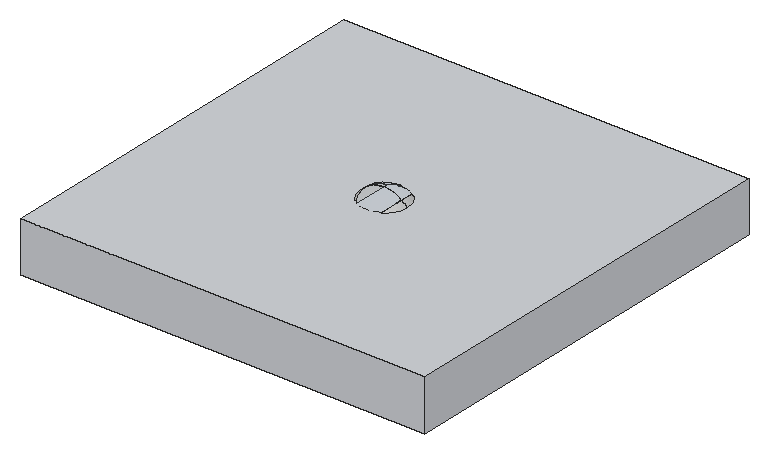
Revit family "GALAD Раунд LED", category Осветительные приборы, Revit 2018 (continued)
Types (3, lengths in mm): name | Файл фотометрической сетки | built-in parameter 1150142 | URL | IP | ADSK_Наименование краткое | ADSK_Наименование | ADSK_Марка | ADSK_Код изделия
  GALAD Раунд LED-9 ECO IP30 Датчик звука | "svetilnik GALAD raund LED-9 ECO IP30 datchik zvuka.ies" | "IESNA:LM-63-1995\r\n[TEST] Протокол №299R/20, ПАС\r\r\n[DATA]11.09.2020\r\r\n[MANUFAC] GALAD\r\r\n[LUMCAT]  \r\n[LUMINAIRE] Раунд LED-9 ECO IP30 Датчик звука\r\r\n[LAMPCAT] \r\r\n[LAMP] LED 9 Вт \r\r\nTILT=NONE\r\n1     820 0.820 73 145 1 2 0.275 0.275 0.061\r\n1.0 1.0 9\r\n0.0 2.5 5.0 7.5 10.0 12.5 15.0 17.5 20.0 22.5 25.0 27.5 30.0 32.5 35.0 37.5 40.0 42.5 45.0 47.5 50.0 52.5 55.0 57.5 60.0 62.5 65.0 67.5 70.0 72.5 75.0 77.5 80.0 82.5 85.0 87.5 90.0 92.5 95.0 97.5 100.0 102.5 105.0 107.5 110.0 112.5 115.0 117.5 120.0 122.5 125.0 127.5 130.0 132.5 135.0 137.5 140.0 142.5 145.0 147.5 150.0 152.5 155.0 157.5 160.0 162.5 165.0 167.5 170.0 172.5 175.0 177.5 180.0\r\n0.0 2.5 5.0 7.5 10.0 12.5 15.0 17.5 20.0 22.5 25.0 27.5 30.0 32.5 35.0 37.5 40.0 42.5 45.0 47.5 50.0 52.5 55.0 57.5 60.0 62.5 65.0 67.5 70.0 72.5 75.0 77.5 80.0 82.5 85.0 87.5 90.0 92.5 95.0 97.5 100.0 102.5 105.0 107.5 110.0 112.5 115.0 117.5 120.0 122.5 125.0 127.5 130.0 132.5 135.0 137.5 140.0 142.5 145.0 147.5 150.0 152.5 155.0 157.5 160.0 162.5 165.0 167.5 170.0 172.5 175.0 177.5 180.0 182.5 185.0 187.5 190.0 192.5 195.0 197.5 200.0 202.5 205.0 207.5 210.0 212.5 215.0 217.5 220.0 222.5 225.0 227.5 230.0 232.5 235.0 237.5 240.0 242.5 245.0 247.5 250.0 252.5 255.0 257.5 260.0 262.5 265.0 267.5 270.0 272.5 275.0 277.5 280.0 282.5 285.0 287.5 290.0 292.5 295.0 297.5 300.0 302.5 305.0 307.5 310.0 312.5 315.0 317.5 320.0 322.5 325.0 327.5 330.0 332.5 335.0 337.5 340.0 342.5 345.0 347.5 350.0 352.5 355.0 357.5 360.0\r\n332.61 334.32 333.10 330.90 328.34 324.80 320.65 315.65 310.03 304.06 297.47 290.15 282.22 273.55 264.65 255.13 245.00 234.14 223.16 211.45 199.37 187.05 174.11 160.81 147.51 133.97 120.18 106.64 93.46 80.65 68.45 57.10 46.85 37.58 29.53 22.57 16.72 11.84 7.93 5.00 2.93 1.59 0.85 0.37 0.12 0.12 0.00 0.12 0.12 0.12 0.12 0.12 0.00 0.00 0.00 0.00 0.00 0.00 0.00 0.00 0.12 0.12 0.12 0.12 0.12 0.12 0.12 0.24 0.24 0.00 0.00 0.00 0.00 \r\n332.61 334.32 333.10 331.02 328.46 324.68 320.65 315.65 310.16 304.42 297.59 290.27 282.34 273.67 264.65 254.88 244.76 234.02 222.80 211.20 199.13 186.68 173.75 160.69 147.39 133.85 120.18 106.52 93.10 80.16 68.08 56.74 46.36 37.21 29.16 22.21 16.35 11.47 7.69 4.88 2.81 1.59 0.85 0.37 0.12 0.00 0.00 0.00 0.12 0.12 0.12 0.12 0.00 0.00 0.00 0.00 0.00 0.00 0.00 0.00 0.12 0.12 0.12 0.12 0.12 0.12 0.12 0.24 0.24 0.12 0.00 0.00 0.00 \r\n332.61 334.32 332.97 331.02 328.46 324.80 320.65 315.89 310.40 304.18 296.98 289.66 281.85 273.06 263.91 254.03 243.90 233.53 222.19 210.72 198.52 186.07 173.26 160.08 146.90 133.36 119.57 105.91 92.73 79.92 67.72 56.49 46.24 37.21 29.16 22.33 16.47 11.59 7.81 5.00 2.93 1.59 0.85 0.37 0.12 0.00 0.00 0.00 0.00 0.12 0.12 0.12 0.00 0.00 0.00 0.00 0.00 0.00 0.00 0.00 0.12 0.12 0.12 0.12 0.12 0.12 0.12 0.24 0.24 0.12 0.00 0.00 0.00 \r\n332.61 334.32 332.85 330.90 328.34 324.80 320.41 315.65 309.79 303.32 296.25 288.80 280.87 272.33 263.18 253.54 243.54 232.92 221.82 210.35 198.52 186.07 173.26 160.08 146.66 133.24 119.57 105.91 92.61 79.92 67.72 56.49 46.24 37.09 29.16 22.21 16.35 11.59 7.69 4.88 2.93 1.59 0.85 0.37 0.12 0.00 0.00 0.00 0.00 0.12 0.12 0.12 0.00 0.00 0.00 0.00 0.00 0.00 0.00 0.00 0.12 0.12 0.12 0.12 0.12 0.12 0.12 0.24 0.24 0.12 0.00 0.00 0.00 \r\n332.61 334.32 332.85 330.78 328.21 324.55 319.80 314.67 308.69 302.35 295.39 288.07 280.39 272.09 263.06 253.54 243.54 233.04 222.19 210.47 198.52 186.07 173.14 160.08 146.66 132.87 119.33 105.66 92.49 79.80 67.60 56.49 46.24 37.09 29.16 22.21 16.35 11.59 7.81 5.00 2.93 1.59 0.85 0.37 0.12 0.00 0.00 0.00 0.00 0.00 0.12 0.12 0.00 0.00 0.00 0.00 0.00 0.00 0.00 0.00 0.12 0.12 0.12 0.12 0.12 0.12 0.12 0.24 0.24 0.12 0.00 0.00 0.00 \r\n332.61 334.19 332.85 330.78 327.97 323.94 319.19 313.94 308.08 301.98 295.64 288.44 280.63 272.21 263.18 253.42 243.42 233.04 222.06 210.23 198.27 185.95 173.26 160.08 146.66 132.99 119.33 105.66 92.49 79.67 67.60 56.37 46.12 37.09 29.04 22.08 16.35 11.47 7.69 4.88 2.93 1.59 0.85 0.37 0.12 0.00 0.00 0.00 0.00 0.00 0.00 0.00 0.00 0.00 0.00 0.00 0.00 0.00 0.00 0.00 0.12 0.12 0.12 0.12 0.12 0.12 0.12 0.24 0.24 0.12 0.00 0.00 0.00 \r\n332.61 334.19 332.85 330.78 327.60 323.33 318.58 313.45 308.08 301.86 295.27 288.32 280.51 272.09 262.94 253.30 243.29 232.56 221.45 209.98 197.90 185.34 172.53 159.47 146.05 132.63 119.08 105.54 92.24 79.43 67.47 56.25 46.12 37.09 29.04 22.21 16.35 11.59 7.81 5.00 2.93 1.59 0.85 0.37 0.12 0.00 0.00 0.00 0.00 0.00 0.00 0.00 0.00 0.00 0.00 0.00 0.00 0.00 0.00 0.00 0.12 0.12 0.12 0.12 0.12 0.12 0.12 0.24 0.24 0.12 0.00 0.00 0.00 \r\n332.61 334.07 332.85 330.66 327.12 322.85 318.21 313.21 308.20 301.86 295.15 288.19 280.26 271.72 262.57 253.05 243.05 232.31 221.33 209.86 197.66 185.09 172.40 159.35 145.81 132.38 118.72 105.18 92.00 79.43 67.35 56.25 46.12 36.97 29.04 22.08 16.23 11.47 7.81 4.88 2.93 1.59 0.85 0.37 0.12 0.12 0.00 0.00 0.00 0.00 0.00 0.00 0.00 0.00 0.00 0.00 0.00 0.00 0.00 0.00 0.12 0.12 0.12 0.12 0.12 0.12 0.12 0.24 0.24 0.12 0.00 0.00 0.00 \r\n332.61 333.95 332.85 330.41 326.51 322.36 317.97 313.09 307.84 301.74 295.15 287.95 279.78 271.36 262.45 252.81 242.81 232.19 221.21 209.37 197.42 185.09 172.16 158.98 145.68 132.26 118.60 105.05 91.88 79.19 67.11 56.00 45.88 36.97 29.16 22.21 16.47 11.71 7.93 5.00 2.93 1.59 0.85 0.37 0.12 0.12 0.00 0.00 0.00 0.00 0.00 0.00 0.00 0.00 0.00 0.00 0.00 0.00 0.00 0.12 0.12 0.12 0.12 0.12 0.12 0.12 0.12 0.24 0.24 0.12 0.00 0.00 0.00 \r\n332.61 333.95 332.85 330.04 326.14 322.11 317.84 313.09 307.72 301.62 294.91 287.58 279.41 270.87 262.21 252.81 242.68 232.07 220.97 209.25 197.29 184.73 171.92 158.86 145.68 132.02 118.47 105.05 91.88 79.19 67.23 56.13 46.00 36.97 29.04 22.21 16.35 11.59 7.81 5.00 2.93 1.71 0.85 0.37 0.12 0.12 0.00 0.00 0.00 0.00 0.00 0.12 0.00 0.00 0.00 0.00 0.00 0.00 0.00 0.12 0.12 0.24 0.12 0.12 0.12 0.12 0.12 0.24 0.24 0.12 0.00 0.00 0.00 \r\n332.61 333.95 332.73 329.56 325.77 321.87 317.84 313.21 307.72 301.37 294.66 287.46 279.41 270.99 262.08 252.57 242.56 231.95 220.60 209.13 197.05 184.61 171.92 158.86 145.44 131.90 118.35 105.05 91.88 79.06 67.11 56.13 46.12 37.09 29.16 22.33 16.47 11.71 7.93 5.12 3.05 1.71 0.85 0.37 0.12 0.12 0.12 0.12 0.00 0.00 0.12 0.12 0.00 0.00 0.00 0.00 0.00 0.00 0.00 0.12 0.24 0.37 0.24 0.12 0.12 0.12 0.12 0.24 0.24 0.12 0.00 0.00 0.00 \r\n332.61 333.83 332.61 329.19 325.41 321.75 317.72 313.21 307.59 301.37 294.78 287.58 279.65 271.11 262.08 252.44 242.44 231.70 220.60 209.01 196.93 184.61 171.92 158.74 145.07 131.77 118.23 104.81 91.63 79.06 67.11 56.13 46.12 37.09 29.16 22.21 16.47 11.71 7.93 5.00 3.05 1.71 0.85 0.49 0.24 0.12 0.12 0.12 0.00 0.00 0.12 0.12 0.00 0.00 0.00 0.00 0.00 0.00 0.00 0.12 0.49 0.61 0.37 0.24 0.12 0.12 0.12 0.24 0.24 0.12 0.00 0.00 0.00 \r\n332.61 333.83 332.36 328.82 325.29 321.50 317.60 313.09 307.47 301.25 294.91 287.58 279.65 270.87 261.96 252.32 242.32 231.82 220.48 208.89 196.81 184.36 171.55 158.62 145.07 131.53 117.99 104.57 91.51 78.94 66.99 56.00 46.00 37.09 29.16 22.33 16.59 11.84 8.05 5.12 3.05 1.71 0.98 0.49 0.24 0.12 0.12 0.12 0.00 0.00 0.12 0.12 0.00 0.00 0.00 0.00 0.00 0.00 0.00 0.24 0.61 0.85 0.49 0.24 0.12 0.12 0.12 0.24 0.24 0.12 0.00 0.00 0.00 \r\n332.61 333.83 332.12 328.58 325.29 321.50 317.60 312.84 307.11 301.13 294.66 287.34 279.41 270.87 261.84 252.08 242.20 231.70 220.60 209.01 196.81 184.36 171.55 158.49 144.95 131.65 118.23 104.81 91.63 79.06 67.11 56.13 46.12 37.09 29.16 22.33 16.59 11.84 8.05 5.12 3.05 1.71 0.98 0.49 0.24 0.12 0.12 0.12 0.00 0.00 0.12 0.12 0.00 0.00 0.00 0.00 0.00 0.00 0.12 0.24 0.49 0.73 0.37 0.24 0.12 0.12 0.12 0.24 0.24 0.12 0.00 0.00 0.00 \r\n332.61 333.71 331.88 328.46 325.16 321.50 317.48 312.60 306.98 301.13 294.42 287.22 279.29 270.75 261.60 251.96 241.95 231.34 220.36 208.89 196.68 184.12 171.43 158.37 145.07 131.65 117.99 104.57 91.63 78.94 67.11 56.13 46.24 37.21 29.41 22.57 16.72 11.96 8.17 5.25 3.17 1.83 0.98 0.49 0.24 0.12 0.12 0.12 0.00 0.00 0.12 0.12 0.00 0.00 0.00 0.00 0.00 0.00 0.12 0.12 0.37 0.49 0.24 0.12 0.12 0.12 0.12 0.24 0.24 0.12 0.00 0.00 0.00 \r\n332.61 333.71 331.51 328.21 325.04 321.50 317.48 312.60 307.11 301.13 294.30 286.97 279.17 270.75 261.60 251.96 241.71 231.09 219.99 208.52 196.56 184.24 171.43 158.37 144.95 131.41 117.74 104.44 91.39 78.94 67.23 56.25 46.24 37.21 29.41 22.45 16.72 11.96 8.17 5.25 3.17 1.83 0.98 0.49 0.24 0.12 0.12 0.00 0.00 0.00 0.12 0.12 0.00 0.00 0.00 0.00 0.00 0.00 0.12 0.12 0.24 0.24 0.24 0.12 0.12 0.12 0.12 0.24 0.24 0.12 0.00 0.00 0.00 \r\n332.61 333.58 331.27 328.09 324.92 321.50 317.36 312.60 307.11 301.13 294.30 286.85 279.04 270.62 261.47 251.83 241.83 231.09 219.87 208.28 196.32 184.12 171.06 158.01 144.59 131.29 117.86 104.57 91.51 78.82 67.11 56.25 46.36 37.46 29.53 22.69 16.96 12.20 8.30 5.37 3.29 1.83 0.98 0.49 0.24 0.12 0.12 0.00 0.00 0.00 0.12 0.00 0.00 0.00 0.00 0.00 0.00 0.00 0.12 0.12 0.12 0.12 0.12 0.12 0.12 0.12 0.12 0.24 0.24 0.12 0.12 0.00 0.00 \r\n332.61 333.58 331.02 327.85 324.80 321.38 317.23 312.48 306.98 301.01 294.17 286.73 278.92 270.50 261.23 251.59 241.59 230.85 219.50 207.79 195.95 183.63 170.94 157.76 144.46 131.29 117.74 104.44 91.51 79.06 67.11 56.25 46.24 37.46 29.53 22.69 16.84 12.08 8.30 5.37 3.29 1.83 0.98 0.49 0.24 0.12 0.00 0.00 0.00 0.00 0.12 0.00 0.00 0.00 0.00 0.00 0.00 0.00 0.00 0.12 0.12 0.12 0.12 0.12 0.12 0.12 0.12 0.24 0.24 0.12 0.12 0.00 0.00 \r\n332.61 333.46 330.90 327.73 324.80 321.38 317.23 312.48 306.98 300.76 294.05 286.49 278.56 270.26 261.11 251.47 241.34 230.60 219.50 208.03 195.95 183.39 170.70 157.76 144.46 130.92 117.38 104.20 91.39 78.82 67.23 56.37 46.49 37.58 29.65 22.94 17.20 12.32 8.54 5.49 3.42 1.95 0.98 0.49 0.24 0.12 0.00 0.00 0.00 0.00 0.00 0.00 0.00 0.00 0.00 0.00 0.00 0.00 0.00 0.12 0.12 0.12 0.12 0.12 0.12 0.12 0.12 0.24 0.24 0.12 0.12 0.00 0.00 \r\n332.61 333.34 330.78 327.73 324.80 321.38 317.23 312.35 306.86 300.76 294.30 286.61 278.43 270.01 260.99 251.47 241.34 230.48 219.50 208.03 195.95 183.51 170.94 158.13 144.83 131.29 117.86 104.57 91.51 79.06 67.35 56.37 46.61 37.70 29.89 22.94 17.08 12.32 8.54 5.49 3.42 1.95 1.10 0.49 0.24 0.12 0.00 0.00 0.00 0.00 0.00 0.00 0.00 0.00 0.00 0.00 0.00 0.00 0.00 0.00 0.12 0.12 0.12 0.12 0.12 0.12 0.12 0.24 0.24 0.12 0.12 0.00 0.00 \r\n332.61 333.22 330.66 327.60 324.80 321.50 317.36 312.23 306.86 300.88 294.30 286.85 278.68 270.14 261.23 251.71 241.71 230.85 219.62 208.15 195.95 183.51 170.82 157.88 144.59 131.16 117.62 104.44 91.51 79.06 67.47 56.61 46.73 37.82 30.02 23.18 17.33 12.57 8.66 5.61 3.42 1.95 1.10 0.49 0.24 0.12 0.00 0.00 0.00 0.00 0.00 0.00 0.00 0.00 0.00 0.00 0.00 0.00 0.00 0.00 0.12 0.12 0.12 0.12 0.12 0.12 0.12 0.24 0.24 0.12 0.12 0.00 0.00 \r\n332.61 333.10 330.53 327.60 324.80 321.50 317.36 312.23 306.86 300.88 294.17 286.85 278.80 270.26 261.35 251.71 241.71 230.97 219.62 208.28 196.20 183.63 171.06 158.01 144.59 131.29 117.99 104.69 91.75 79.31 67.60 56.74 46.85 37.95 30.02 23.18 17.33 12.57 8.66 5.61 3.54 2.07 1.10 0.61 0.24 0.12 0.00 0.00 0.00 0.00 0.00 0.00 0.00 0.00 0.00 0.00 0.00 0.00 0.00 0.00 0.12 0.12 0.12 0.24 0.12 0.12 0.24 0.24 0.24 0.24 0.12 0.00 0.00 \r\n332.61 332.97 330.41 327.73 324.80 321.50 317.23 312.23 306.86 300.88 294.17 286.85 278.80 270.26 261.35 251.71 241.46 230.85 219.87 208.15 196.20 183.75 170.94 157.88 144.59 131.29 117.86 104.57 91.63 79.31 67.60 56.86 46.97 38.07 30.26 23.43 17.57 12.69 8.78 5.73 3.54 2.07 1.10 0.61 0.24 0.12 0.00 0.00 0.00 0.00 0.00 0.00 0.00 0.00 0.00 0.00 0.00 0.00 0.00 0.00 0.00 0.12 0.12 0.24 0.24 0.12 0.24 0.24 0.37 0.24 0.12 0.00 0.00 \r\n332.61 332.85 330.41 327.73 324.80 321.38 317.23 312.60 307.11 301.13 294.30 286.97 278.92 270.26 261.23 251.71 241.46 230.97 219.87 208.15 196.20 183.87 171.06 158.01 144.71 131.29 117.99 104.81 91.88 79.43 67.72 56.98 46.97 38.19 30.26 23.43 17.57 12.69 8.78 5.86 3.66 2.07 1.22 0.61 0.24 0.12 0.00 0.00 0.00 0.00 0.00 0.00 0.00 0.00 0.00 0.00 0.00 0.00 0.00 0.00 0.00 0.12 0.12 0.24 0.24 0.12 0.24 0.37 0.37 0.24 0.12 0.00 0.00 \r\n332.61 332.73 330.41 327.73 324.80 321.38 317.23 312.60 307.23 301.01 294.17 286.85 278.80 270.14 261.35 251.71 241.46 230.85 219.99 208.15 196.07 183.75 171.06 157.88 144.59 131.41 117.86 104.69 91.75 79.43 67.72 56.98 47.22 38.43 30.50 23.67 17.81 12.93 9.03 5.86 3.66 2.20 1.22 0.61 0.24 0.12 0.00 0.00 0.00 0.00 0.00 0.00 0.00 0.00 0.00 0.00 0.00 0.00 0.00 0.00 0.00 0.12 0.12 0.12 0.24 0.24 0.24 0.37 0.49 0.24 0.12 0.00 0.00 \r\n332.61 332.61 330.41 327.73 324.92 321.38 317.36 312.72 307.23 300.88 294.17 286.85 278.92 270.38 261.47 251.71 241.59 230.97 219.87 208.15 196.20 183.75 170.94 158.01 144.95 131.41 118.11 104.81 91.88 79.43 67.84 57.10 47.22 38.31 30.50 23.67 17.81 12.93 9.03 5.98 3.66 2.20 1.22 0.61 0.24 0.12 0.00 0.00 0.00 0.00 0.00 0.00 0.00 0.00 0.00 0.00 0.00 0.00 0.00 0.00 0.00 0.00 0.12 0.12 0.24 0.24 0.24 0.49 0.73 0.37 0.12 0.00 0.00 \r\n332.61 332.49 330.41 327.73 325.04 321.38 317.36 312.72 307.11 300.76 294.30 286.85 278.80 270.38 261.35 251.71 241.46 230.97 219.87 208.28 196.07 183.75 171.18 158.13 144.71 131.41 117.99 104.81 92.00 79.80 68.21 57.35 47.46 38.68 30.75 23.91 18.06 13.06 9.15 5.98 3.78 2.20 1.10 0.61 0.24 0.12 0.00 0.00 0.00 0.00 0.00 0.00 0.00 0.00 0.00 0.00 0.00 0.00 0.00 0.00 0.00 0.00 0.12 0.12 0.24 0.24 0.24 0.61 0.85 0.37 0.12 0.00 0.00 \r\n332.61 332.49 330.41 327.73 325.16 321.63 317.48 312.72 307.11 301.01 294.42 286.85 278.92 270.38 261.35 251.59 241.46 231.09 220.11 208.40 196.07 183.75 171.31 158.25 144.95 131.41 118.11 104.93 92.12 79.80 68.08 57.35 47.59 38.68 30.75 23.91 18.06 13.06 9.15 6.10 3.78 2.20 1.10 0.61 0.24 0.12 0.00 0.00 0.00 0.00 0.00 0.00 0.00 0.00 0.00 0.00 0.00 0.00 0.00 0.00 0.00 0.00 0.12 0.12 0.24 0.24 0.24 0.85 0.98 0.49 0.12 0.00 0.00 \r\n332.61 332.49 330.41 327.73 325.29 321.75 317.60 312.72 307.11 301.25 294.66 286.97 279.04 270.50 261.47 251.83 241.71 231.21 220.11 208.52 196.32 183.75 171.18 158.01 144.83 131.77 118.35 105.18 92.36 80.04 68.33 57.47 47.71 38.80 30.99 24.04 18.18 13.18 9.15 5.98 3.66 2.07 1.10 0.49 0.24 0.12 0.00 0.00 0.00 0.00 0.00 0.00 0.00 0.00 0.00 0.00 0.00 0.00 0.00 0.00 0.12 0.00 0.12 0.12 0.12 0.24 0.37 0.85 1.10 0.49 0.12 0.00 0.00 \r\n332.61 332.36 330.29 327.73 325.16 321.75 317.72 312.84 307.23 301.25 294.42 287.10 279.17 270.62 261.72 251.96 241.83 231.21 220.11 208.52 196.32 184.00 171.43 158.25 144.83 131.65 118.35 105.18 92.36 80.04 68.45 57.59 47.71 38.92 31.11 24.16 18.18 13.30 9.27 5.98 3.54 1.95 0.98 0.49 0.24 0.12 0.00 0.00 0.00 0.00 0.00 0.00 0.00 0.00 0.00 0.00 0.00 0.00 0.00 0.00 0.12 0.12 0.00 0.12 0.12 0.24 0.37 0.98 1.22 0.49 0.12 0.00 0.00 \r\n332.61 332.36 330.29 327.85 325.16 321.75 317.72 312.84 307.23 301.25 294.30 287.10 279.41 270.50 261.60 251.96 241.83 231.09 219.99 208.64 196.68 184.24 171.43 158.49 145.44 131.90 118.47 105.30 92.49 80.16 68.57 57.71 47.83 39.04 31.11 24.16 18.30 13.42 9.27 5.98 3.54 1.95 0.98 0.49 0.12 0.00 0.00 0.00 0.00 0.00 0.00 0.00 0.00 0.00 0.00 0.00 0.00 0.00 0.00 0.00 0.12 0.12 0.00 0.12 0.12 0.24 0.37 0.98 1.10 0.49 0.12 0.00 0.00 \r\n332.61 332.24 330.29 327.85 325.29 321.75 317.60 312.84 307.35 301.37 294.54 287.22 279.29 270.87 261.72 252.08 241.95 231.34 220.11 208.76 196.81 184.48 171.55 158.49 145.20 131.90 118.60 105.42 92.49 80.28 68.82 57.83 48.07 39.17 31.24 24.40 18.42 13.42 9.27 5.73 3.17 1.71 0.85 0.37 0.12 0.12 0.00 0.00 0.00 0.00 0.00 0.00 0.00 0.00 0.00 0.00 0.00 0.00 0.00 0.00 0.12 0.12 0.12 0.12 0.12 0.24 0.24 0.85 1.10 0.49 0.12 0.00 0.00 \r\n332.61 332.24 330.29 327.97 325.29 321.75 317.60 312.84 307.59 301.74 295.15 287.34 279.17 271.23 262.08 252.32 242.20 231.58 220.48 209.01 196.81 184.36 171.67 158.74 145.20 131.90 118.72 105.54 92.73 80.41 68.69 58.08 48.32 39.41 31.48 24.52 18.67 13.42 8.91 5.37 2.93 1.46 0.73 0.37 0.12 0.12 0.00 0.00 0.00 0.00 0.00 0.00 0.00 0.00 0.00 0.00 0.00 0.00 0.00 0.00 0.12 0.12 0.12 0.12 0.12 0.24 0.24 0.85 0.98 0.49 0.12 0.00 0.00 \r\n332.61 332.12 330.29 327.97 325.29
